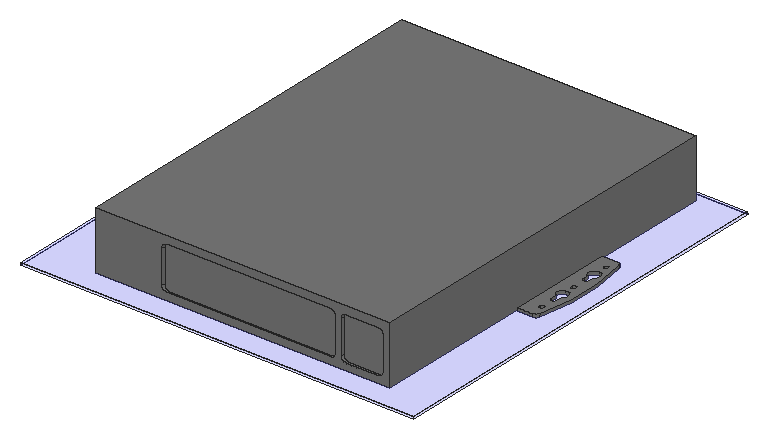
Revit family "QSC Core 8 Flex_Surface Mount", category Generic Models, host Face, Revit 2017
Family settings
  Host = Face
  Can host rebar = No
  Round Connector Dimension = Use Diameter
  Part Type = Normal
  Cut with Voids When Loaded = No
  Shared = No
  Room Calculation Point = No
Parameters (values of type "Core 8 Flex")
  Width = 8.660"  # constant formula
  Weight Product (lb) = 4  # constant formula
  Weight Product (kg) = 1.81  # constant formula
  URL = ""
  Show Surface Mount [instance] = yes
  Show Plenum Kit [instance] = no
  Regulatory Compliance = "FCC Part 68 / TIA-968-B; ES203 021, CE, RoHS; PTC200; NOM-151-SCTI; JATE; UL & C-UL Listed; AC; PSTN01; Industry Canada CS-03; AS/ACIF S002 & RCM; ANATEL Resolution 473"  # constant formula
  Product Page URL = "https://www.qsc.com/systems/products/q-sys-ecosystem/products-peripherals-accessories/q-sys-cores/core-8-flex/?L="
  Product Documentation Link = "https://www.qsc.com/resource-files/productresources/dn/dsp_cores/core_8-flex/q_dn_core_8flex_specs.pdf"
  Power Active = 40
  Model = "Core 8 Flex"  # constant formula
  Manufacturer URL = "http://www.qsc.com"
  Manufacturer = "QSC"  # constant formula
  Height = 1.720"  # constant formula
  Heat Load Active = 110
  Face Depth = 0.0788"
  Description = "Q-SYS Network + Analog I/O Processor"  # constant formula
  Depth = 11.280"  # constant formula
  Default Elevation = 0.000"
  Enclosure Material [instance] = Dark Gray Finish
Reference planes (in)
  plane 1 "Center (Front/Back)": y = 0
  plane 2: z = 0
  plane 3 "Center (Left/Right)": x = 0
  plane 4 "Left": x = -4.33
  plane 5 "Right": x = 4.33
  plane 6 "Top": y = 5.64
  plane 7 "Bottom": y = -5.64
  plane 8 "New Top": z = 1.72
  plane 9 "Face Plance": y = -5.561
Forms (in)
  Extrusion 1, solid, material "Glass"
    sketch origin (0, 0, 0) x (1, 0, 0) y (0, 1, 0)
      loop
        line (-6, 6) -> (-6, -6.33038) -> (5.58047, -6.33038) -> (5.58047, 6) -> (-6, 6)
    from 0 to -0.079
  Extrusion 2, solid, material "Dark Gray Finish" <- "Enclosure Material", visible <- "Show Surface Mount"
    sketch origin (0, 0, 0) x (1, 0, 0) y (0, 1, 0)
      loop
        arc (-4.80811, 2.14181) -> (-4.88785, 2.11447) -> (-4.93402, 2.04394) r 0.12992
        arc (-4.93402, 2.04394) -> (-5.11556, 0.59457) -> (-4.93402, -0.8548) r 5.8765
        arc (-4.93402, -0.8548) -> (-4.88785, -0.92533) -> (-4.80811, -0.95267) r 0.12992
        line (-4.80811, -0.95267) -> (-3.88346, -0.95267)
        arc (-3.88346, -0.95267) -> (-3.80372, -0.92532) -> (-3.75755, -0.85479) r 0.12992
        arc (-3.75755, -0.85479) -> (-3.57606, 0.59457) -> (-3.75755, 2.04393) r 5.87795
        arc (-3.75755, 2.04393) -> (-3.80372, 2.11446) -> (-3.88346, 2.14181) r 0.12992
        line (-3.88346, 2.14181) -> (-4.80811, 2.14181)
      loop
        arc (-4.68437, 1.20811) -> (-4.76902, 1.51977) -> (-4.85366, 1.20811) r 0.16732
        line (-4.85366, 1.20811) -> (-4.85366, 1.04733)
        arc (-4.85366, 1.04733) -> (-4.76902, 0.96268) -> (-4.68437, 1.04733) r 0.08465
        line (-4.68437, 1.04733) -> (-4.68437, 1.20811)
      loop
        arc (-3.83791, 1.20811) -> (-3.92256, 1.51977) -> (-4.0072, 1.20811) r 0.16732
        line (-4.0072, 1.20811) -> (-4.0072, 1.04733)
        arc (-4.0072, 1.04733) -> (-3.92256, 0.96268) -> (-3.83791, 1.04733) r 0.08465
        line (-3.83791, 1.04733) -> (-3.83791, 1.20811)
      loop
        arc (-3.83398, 0.03333) -> (-3.92256, 0.3426) -> (-4.01114, 0.03333) r 0.16732
        line (-4.01114, 0.03333) -> (-4.01114, -0.12984)
        arc (-4.01114, -0.12984) -> (-3.92256, -0.21842) -> (-3.83398, -0.12984) r 0.08858
        line (-3.83398, -0.12984) -> (-3.83398, 0.03333)
      loop
        arc (-4.68043, 0.03333) -> (-4.76902, 0.3426) -> (-4.8576, 0.03333) r 0.16732
        line (-4.8576, 0.03333) -> (-4.8576, -0.12984)
        arc (-4.8576, -0.12984) -> (-4.76902, -0.21842) -> (-4.68043, -0.12984) r 0.08858
        line (-4.68043, -0.12984) -> (-4.68043, 0.03333)
      loop
        circle (-4.77295, 0.59457) r 0.06496
      loop
        circle (-4.77295, -0.58653) r 0.06496
      loop
        circle (-4.77295, 1.77567) r 0.06496
      loop
        circle (-3.91862, 1.77567) r 0.06496
      loop
        circle (-3.91862, 0.59457) r 0.06496
      loop
        circle (-3.91862, -0.58653) r 0.06496
      loop
        line (4.80811, 2.14181) -> (3.88346, 2.14181)
        arc (3.88346, 2.14181) -> (3.80372, 2.11446) -> (3.75755, 2.04393) r 0.12992
        arc (3.75755, 2.04393) -> (3.57606, 0.59457) -> (3.75755, -0.85479) r 5.87795
        arc (3.75755, -0.85479) -> (3.80372, -0.92532) -> (3.88346, -0.95267) r 0.12992
        line (3.88346, -0.95267) -> (4.80811, -0.95267)
        arc (4.80811, -0.95267) -> (4.88785, -0.92533) -> (4.93402, -0.8548) r 0.12992
        arc (4.93402, -0.8548) -> (5.11556, 0.59457) -> (4.93402, 2.04394) r 5.8765
        arc (4.93402, 2.04394) -> (4.88785, 2.11447) -> (4.80811, 2.14181) r 0.12992
      loop
        line (4.68437, 1.20811) -> (4.68437, 1.04733)
        arc (4.68437, 1.04733) -> (4.76902, 0.96268) -> (4.85366, 1.04733) r 0.08465
        line (4.85366, 1.04733) -> (4.85366, 1.20811)
        arc (4.85366, 1.20811) -> (4.76902, 1.51977) -> (4.68437, 1.20811) r 0.16732
      loop
        line (3.83791, 1.20811) -> (3.83791, 1.04733)
        arc (3.83791, 1.04733) -> (3.92256, 0.96268) -> (4.0072, 1.04733) r 0.08465
        line (4.0072, 1.04733) -> (4.0072, 1.20811)
        arc (4.0072, 1.20811) -> (3.92256, 1.51977) -> (3.83791, 1.20811) r 0.16732
      loop
        line (3.83398, 0.03333) -> (3.83398, -0.12984)
        arc (3.83398, -0.12984) -> (3.92256, -0.21842) -> (4.01114, -0.12984) r 0.08858
        line (4.01114, -0.12984) -> (4.01114, 0.03333)
        arc (4.01114, 0.03333) -> (3.92256, 0.3426) -> (3.83398, 0.03333) r 0.16732
      loop
        line (4.68043, 0.03333) -> (4.68043, -0.12984)
        arc (4.68043, -0.12984) -> (4.76902, -0.21842) -> (4.8576, -0.12984) r 0.08858
        line (4.8576, -0.12984) -> (4.8576, 0.03333)
        arc (4.8576, 0.03333) -> (4.76902, 0.3426) -> (4.68043, 0.03333) r 0.16732
      loop
        circle (4.77295, 0.59457) r 0.06496
      loop
        circle (4.77295, -0.58653) r 0.06496
      loop
        circle (4.77295, 1.77567) r 0.06496
      loop
        circle (3.91862, 1.77567) r 0.06496
      loop
        circle (3.91862, 0.59457) r 0.06496
      loop
        circle (3.91862, -0.58653) r 0.06496
    from 0 to 0.079
Dimensions and locks (in)
  equal spacing: plane 6 "Top", plane 1 "Center (Front/Back)", plane 7 "Bottom"
  "Depth": plane 6 "Top" to plane 7 "Bottom"
  equal spacing: plane 4 "Left", plane 3 "Center (Left/Right)", plane 5 "Right"
  "Width": plane 4 "Left" to plane 5 "Right"
  plane 4 "Left" to plane 5 "Right" = 8.660"
  "Height": plane 8 "New Top" to plane 2
  plane 9 "Face Plance" to plane 7 "Bottom" = 0.079"
  aligned and locked: plane 2 to Extrusion 1
  aligned and locked: level to Extrusion 1
Automatic sketch dimensions
  Extrusion 1 sketch curve to Extrusion 1 sketch curve = 11.58047"
  Extrusion 1 sketch curve to Extrusion 1 sketch curve = 12.33038"
  Extrusion 2 sketch curve to plane 1 "Center (Front/Back)" = 0.59457"  (x4)
  Extrusion 2 sketch curve to plane 4 "Left" = 5.12402"
  Extrusion 2 sketch curve to plane 1 "Center (Front/Back)" = 0.03333"  (x4)
  Extrusion 2 sketch curve to plane 4 "Left" = 0.5276"
  Extrusion 2 sketch curve to plane 4 "Left" = 0.52366"
  Extrusion 2 sketch curve to plane 4 "Left" = 0.47811"  (x2)
  Extrusion 2 sketch curve to Extrusion 2 sketch curve = 0.03516"  (x8)
  Extrusion 2 sketch curve to plane 4 "Left" = 0.44295"
  Extrusion 2 sketch curve to Extrusion 2 sketch curve = 0.08858"  (x8)
  Extrusion 2 sketch curve to Extrusion 2 sketch curve = 0.08465"  (x8)
  plane 1 "Center (Front/Back)" to Extrusion 2 sketch curve = 0.12984"  (x4)
  plane 4 "Left" to Extrusion 2 sketch curve = 0.31886"
  plane 4 "Left" to Extrusion 2 sketch curve = 0.3228"
  plane 4 "Left" to Extrusion 2 sketch curve = 0.41138"  (x3)
  Extrusion 2 sketch curve to plane 3 "Center (Left/Right)" = 0.76094"
  plane 3 "Center (Left/Right)" to Extrusion 2 sketch curve = 0.76094"
  Extrusion 2 sketch curve to plane 5 "Right" = 0.49602"
  Extrusion 2 sketch curve to plane 5 "Right" = 0.49209"
  Extrusion 2 sketch curve to plane 5 "Right" = 0.44654"  (x2)
  Extrusion 2 sketch curve to plane 5 "Right" = 0.41138"
  plane 5 "Right" to Extrusion 2 sketch curve = 0.35043"
  plane 5 "Right" to Extrusion 2 sketch curve = 0.35437"
  plane 5 "Right" to Extrusion 2 sketch curve = 0.44295"
  Extrusion 2 sketch curve to Extrusion 2 sketch curve = 0.00394"  (x2)
  Extrusion 2 sketch curve to Extrusion 2 sketch curve = 4.60035"
  plane 1 "Center (Front/Back)" to Extrusion 2 sketch curve = 0.58653"
  Extrusion 2 sketch curve to Extrusion 2 sketch curve = 0.45669"  (x3)
  Extrusion 2 sketch curve to Extrusion 2 sketch curve = 0.23622"  (x8)
  Extrusion 2 sketch curve to Extrusion 2 sketch curve = 0.12992"  (x4)
  Extrusion 2 sketch curve to Extrusion 2 sketch curve = 0.14195"  (x4)
  Extrusion 2 sketch curve to Extrusion 2 sketch curve = 0.41929"  (x4)
  Extrusion 2 sketch curve to Extrusion 2 sketch curve = 0.45276"  (x4)
  Extrusion 2 sketch curve to Extrusion 2 sketch curve = 0.16079"  (x4)
  Extrusion 2 sketch curve to Extrusion 2 sketch curve = 0.14433"  (x4)
  Extrusion 2 sketch curve to Extrusion 2 sketch curve = 0.42323"  (x4)
  Extrusion 2 sketch curve to Extrusion 2 sketch curve = 0.000"  (x4)
  radius of Extrusion 2 sketch curve = 0.06496"  (x12)
Nested families (in)
  nested 1: "QSC Core 8 Flex_ Front Facing Rackmount" at (0, -5.561, 0.865) x (1, 0, 0) z (0, -1, 0), type "Core 8 Flex"
    with Show Right Ear Short no, Show Right Ear Long no, Show Left Ear Short no, Show Left Ear Long no, Enclosure Material Dark Gray Finish
Connectors (in)
  electrical at (-3.20953, 5.46335, 0.86465)
    settings: on nested 1, index 9, voltage 0 V, apparent load 0 VA, apparent load phase1 0 VA, apparent load phase2 0 VA, apparent load phase3 0 VA, power factor 1, load classification "Other", number of poles 1, system type 31, power factor state 1, is connector primary yes, connector utility no, sub classification motor no, connector description "100-240 VAC"
  electrical at (3.35566, 5.44335, 0.40634)
    settings: on nested 1, index 10, voltage 0 V, apparent load 0 VA, apparent load phase1 0 VA, apparent load phase2 0 VA, apparent load phase3 0 VA, power factor 1, load classification "Other", number of poles 1, system type 14, power factor state 1, is connector primary no, connector utility no, sub classification motor no, connector description "Flex Ch 5-8"
  electrical at (3.35566, 5.44335, 1.34971)
    settings: on nested 1, index 11, voltage 0 V, apparent load 0 VA, apparent load phase1 0 VA, apparent load phase2 0 VA, apparent load phase3 0 VA, power factor 1, load classification "Other", number of poles 1, system type 14, power factor state 1, is connector primary no, connector utility no, sub classification motor no, connector description "Flex Ch 1-4"
  electrical at (1.52415, 5.44335, 1.34971)
    settings: on nested 1, index 12, voltage 0 V, apparent load 0 VA, apparent load phase1 0 VA, apparent load phase2 0 VA, apparent load phase3 0 VA, power factor 1, load classification "Other", number of poles 1, system type 14, power factor state 1, is connector primary no, connector utility no, sub classification motor no, connector description "GPIO Inputs"
  electrical at (1.52415, 5.44335, 0.40634)
    settings: on nested 1, index 13, voltage 0 V, apparent load 0 VA, apparent load phase1 0 VA, apparent load phase2 0 VA, apparent load phase3 0 VA, power factor 1, load classification "Other", number of poles 1, system type 14, power factor state 1, is connector primary no, connector utility no, sub classification motor no, connector description "GPIO Outputs"
  electrical at (0.2239, 5.44335, 0.75634)
    settings: on nested 1, index 14, voltage 0 V, apparent load 0 VA, apparent load phase1 0 VA, apparent load phase2 0 VA, apparent load phase3 0 VA, power factor 1, load classification "Other", number of poles 1, system type 14, power factor state 1, is connector primary no, connector utility no, sub classification motor no, connector description "RS232 A"
  electrical at (0.2239, 5.44335, 0.40634)
    settings: on nested 1, index 15, voltage 0 V, apparent load 0 VA, apparent load phase1 0 VA, apparent load phase2 0 VA, apparent load phase3 0 VA, power factor 1, load classification "Other", number of poles 1, system type 14, power factor state 1, is connector primary no, connector utility no, sub classification motor no, connector description "RS232 B"
  electrical at (-0.32922, 5.44335, 0.35947)
    settings: on nested 1, index 16, voltage 0 V, apparent load 0 VA, apparent load phase1 0 VA, apparent load phase2 0 VA, apparent load phase3 0 VA, power factor 1, load classification "Other", number of poles 1, system type 14, power factor state 1, is connector primary no, connector utility no, sub classification motor no, connector description "USB C"
  electrical at (-0.83547, 5.44335, 0.45322)
    settings: on nested 1, index 17, voltage 0 V, apparent load 0 VA, apparent load phase1 0 VA, apparent load phase2 0 VA, apparent load phase3 0 VA, power factor 1, load classification "Other", number of poles 1, system type 14, power factor state 1, is connector primary no, connector utility no, sub classification motor no, connector description "USB B"
  electrical at (-1.3886, 5.44335, 0.35947)
    settings: on nested 1, index 18, voltage 0 V, apparent load 0 VA, apparent load phase1 0 VA, apparent load phase2 0 VA, apparent load phase3 0 VA, power factor 1, load classification "Other", number of poles 1, system type 14, power factor state 1, is connector primary no, connector utility no, sub classification motor no, connector description "USB A"
  electrical at (-1.3886, 5.44335, 0.76884)
    settings: on nested 1, index 19, voltage 0 V, apparent load 0 VA, apparent load phase1 0 VA, apparent load phase2 0 VA, apparent load phase3 0 VA, power factor 1, load classification "Other", number of poles 1, system type 14, power factor state 1, is connector primary no, connector utility no, sub classification motor no, connector description "USB A"
  electrical at (-1.3886, 5.44335, 1.30322)
    settings: on nested 1, index 20, voltage 0 V, apparent load 0 VA, apparent load phase1 0 VA, apparent load phase2 0 VA, apparent load phase3 0 VA, power factor 1, load classification "Other", number of poles 1, system type 14, power factor state 1, is connector primary no, connector utility no, sub classification motor no, connector description "LAN A"
  electrical at (-1.9886, 5.44335, 1.30322)
    settings: on nested 1, index 21, voltage 0 V, apparent load 0 VA, apparent load phase1 0 VA, apparent load phase2 0 VA, apparent load phase3 0 VA, power factor 1, load classification "Other", number of poles 1, system type 14, power factor state 1, is connector primary no, connector utility no, sub classification motor no, connector description "LAN B"
  electrical at (-1.9886, 5.44335, 0.76884)
    settings: on nested 1, index 22, voltage 0 V, apparent load 0 VA, apparent load phase1 0 VA, apparent load phase2 0 VA, apparent load phase3 0 VA, power factor 1, load classification "Other", number of poles 1, system type 14, power factor state 1, is connector primary no, connector utility no, sub classification motor no, connector description "USB A"
  electrical at (-1.9886, 5.44335, 0.35947)
    settings: on nested 1, index 23, voltage 0 V, apparent load 0 VA, apparent load phase1 0 VA, apparent load phase2 0 VA, apparent load phase3 0 VA, power factor 1, load classification "Other", number of poles 1, system type 14, power factor state 1, is connector primary no, connector utility no, sub classification motor no, connector description "USB A"
Definition of nested family "QSC Core 8 Flex_ Front Facing Rackmount"
  Parameters (values of type "Core 8 Flex")
    Width = 8.660"  # constant formula
    Weight Product (lb) = 4  # constant formula
    Weight Product (kg) = 1.81  # constant formula
    URL = ""
    Show Right Ear Short [instance] = no
    Show Right Ear Long [instance] = yes
    Show Left Ear Short [instance] = yes
    Show Left Ear Long [instance] = no
    Regulatory Compliance = "FCC Part 68 / TIA-968-B; ES203 021, CE, RoHS; PTC200; NOM-151-SCTI; JATE; UL & C-UL Listed; AC; PSTN01; Industry Canada CS-03; AS/ACIF S002 & RCM; ANATEL Resolution 473"  # constant formula
    Product Page URL = "https://www.qsc.com/systems/products/q-sys-ecosystem/products-peripherals-accessories/q-sys-cores/core-8-flex/?L="
    Product Documentation Link = "https://www.qsc.com/resource-files/productresources/dn/dsp_cores/core_8-flex/q_dn_core_8flex_specs.pdf"
    Power Active = 40
    Model = "Core 8 Flex"  # constant formula
    Manufacturer URL = "http://www.qsc.com"
    Manufacturer = "QSC"  # constant formula
    Height = 1.720"  # constant formula
    Heat Load Active = 110
    Face Depth = 0.0788"
    Description = "Q-SYS Network + Analog I/O Processor"  # constant formula
    Depth = 11.280"  # constant formula
    Default Elevation = 0.000"
    Enclosure Material [instance] = none
  Reference planes (in)
    plane 1 "Center (Front/Back)": y = 0
    plane 2: z = 0
    plane 3 "Center (Left/Right)": x = 0
    plane 4 "Left": x = -4.33
    plane 5 "Right": x = 4.33
    plane 6 "Top": y = 0.86
    plane 7 "Bottom": y = -0.86
    plane 8 "Back": z = -11.2012
    plane 9 "Right Extend Ear": x = 13.812
    plane 10 "Left Extend Ear": x = -13.812
    plane 11 "Left Short Ear": x = -5.1514
    plane 12 "Right Short Ear": x = 5.1514
    plane 13 "Front": z = 0.0788
  Forms (in)
    Extrusion 1, solid
      sketch origin (0, 0, 0) x (1, 0, 0) y (0, 1, 0)
        loop
          line (-14.5, 1.9685) -> (-14.5, -1.88975) -> (14.73031, -1.88975) -> (14.73031, 1.9685) -> (-14.5, 1.9685)
      from 0 to -0.079
    Extrusion 2, solid, material <- "Enclosure Material"
      sketch origin (0, -0.86, 0) x (-1, 0, 0) y (0, 0, 1)
        loop
          line (4.33, 0.0788) -> (-4.33, 0.0788) -> (-4.33, -11.2012) -> (4.33, -11.2012) -> (4.33, 0.0788)
      from 0 to 1.72 <- "Height"
    Extrusion 3, void
      sketch origin (0, 0, -11.2012) x (-1, 0, 0) y (0, -1, 0)
        loop
          line (-4.12953, -0.64125) -> (-2.58179, -0.64125) -> (-2.58179, -0.32817) -> (-4.12953, -0.32817) -> (-4.12953, -0.64125)
        loop
          line (2.83394, -0.39444) -> (3.58289, -0.39444)
          arc (3.58289, -0.39444) -> (3.66576, -0.36012) -> (3.70008, -0.27725) r 0.11719
          line (3.70008, -0.27725) -> (3.70008, 0.04564)
          arc (3.70008, 0.04564) -> (3.69413, 0.07554) -> (3.6772, 0.10088) r 0.07813
          line (3.6772, 0.10088) -> (3.52611, 0.25197)
          arc (3.52611, 0.25197) -> (3.50077, 0.26891) -> (3.47087, 0.27485) r 0.07813
          line (3.47087, 0.27485) -> (2.94504, 0.27485)
          arc (2.94504, 0.27485) -> (2.91514, 0.26891) -> (2.88979, 0.25197) r 0.07813
          line (2.88979, 0.25197) -> (2.73871, 0.10088)
          arc (2.73871, 0.10088) -> (2.72177, 0.07554) -> (2.71583, 0.04564) r 0.07813
          line (2.71583, 0.04564) -> (2.71583, -0.27633)
          arc (2.71583, -0.27633) -> (2.75042, -0.35985) -> (2.83394, -0.39444) r 0.11811
        loop
          line (-4.12953, 0.30212) -> (-2.58179, 0.30212) -> (-2.58179, 0.6152) -> (-4.12953, 0.6152) -> (-4.12953, 0.30212)
        loop
          line (-2.29802, -0.64125) -> (-0.75029, -0.64125) -> (-0.75029, -0.32817) -> (-2.29802, -0.32817) -> (-2.29802, -0.64125)
        loop
          line (-2.29802, 0.30212) -> (-0.75029, 0.30212) -> (-0.75029, 0.6152) -> (-2.29802, 0.6152) -> (-2.29802, 0.30212)
        loop
          line (-0.46652, 0.30212) -> (0.01872, 0.30212) -> (0.01872, 0.6152) -> (-0.46652, 0.6152) -> (-0.46652, 0.30212)
        loop
          line (-0.46652, -0.04788) -> (0.01872, -0.04788) -> (0.01872, 0.2652) -> (-0.46652, 0.2652) -> (-0.46652, -0.04788)
        loop
          line (0.13348, 0.39587) -> (0.52497, 0.39587) -> (0.52497, 0.6152) -> (0.13348, 0.6152) -> (0.13348, 0.39587)
        loop
          line (0.63973, 0.20837) -> (1.03122, 0.20837) -> (1.03122, 0.6152) -> (0.63973, 0.6152) -> (0.63973, 0.20837)
        loop
          line (1.14598, 0.39587) -> (1.63122, 0.39587) -> (1.63122, 0.6152) -> (1.14598, 0.6152) -> (1.14598, 0.39587)
        loop
          line (1.74598, 0.39587) -> (2.23122, 0.39587) -> (2.23122, 0.6152) -> (1.74598, 0.6152) -> (1.74598, 0.39587)
        loop
          line (1.14598, -0.01351) -> (1.63122, -0.01351) -> (1.63122, 0.20582) -> (1.14598, 0.20582) -> (1.14598, -0.01351)
        loop
          line (1.74598, -0.01351) -> (2.23122, -0.01351) -> (2.23122, 0.20582) -> (1.74598, 0.20582) -> (1.74598, -0.01351)
        loop
          line (1.14598, -0.62601) -> (1.63122, -0.62601) -> (1.63122, -0.25043) -> (1.14598, -0.25043) -> (1.14598, -0.62601)
        loop
          line (1.74598, -0.62601) -> (2.23122, -0.62601) -> (2.23122, -0.25043) -> (1.74598, -0.25043) -> (1.74598, -0.62601)
      from 0 to 0.19685
    Extrusion 4, void
      sketch origin (-16.742, -179.90625, 0.0788) x (0, -1, 0) y (-1, 0, 0)
        loop
          line (-180.54692, -14.52475) -> (-180.54692, -19.33043)
          arc (-180.54692, -19.33043) -> (-180.50115, -19.44092) -> (-180.39067, -19.48668) r 0.15625
          line (-180.39067, -19.48668) -> (-179.40912, -19.48668)
          arc (-179.40912, -19.48668) -> (-179.29864, -19.44092) -> (-179.25287, -19.33043) r 0.15625
          line (-179.25287, -19.33043) -> (-179.25287, -14.52475)
          arc (-179.25287, -14.52475) -> (-179.29864, -14.41427) -> (-179.40912, -14.3685) r 0.15625
          line (-179.40912, -14.3685) -> (-180.39067, -14.3685)
          arc (-180.39067, -14.3685) -> (-180.50115, -14.41427) -> (-180.54692, -14.52475) r 0.15625
      from 0 to 0.079
    Extrusion 5, solid, material <- "Enclosure Material", visible <- "Show Left Ear Short"
      sketch origin (0, 0, 0) x (1, 0, 0) y (0, 1, 0)
        loop
          arc (-5.02634, 0.86) -> (-5.11473, 0.82339) -> (-5.1514, 0.735) r 0.125
          line (-5.1514, 0.735) -> (-5.15134, -0.735)
          arc (-5.15134, -0.735) -> (-5.11473, -0.82339) -> (-5.02634, -0.86) r 0.125
          line (-5.02634, -0.86) -> (-4.33, -0.86) -> (-4.33, 0.86) -> (-5.02634, 0.86)
        loop
          line (-4.7537, 0.76059) -> (-4.8915, 0.76059)
          arc (-4.8915, 0.76059) -> (-5.0251, 0.63502) -> (-4.90803, 0.4939) r 0.13386
          arc (-4.90803, 0.4939) -> (-4.8226, 0.40843) -> (-4.73717, 0.4939) r 0.08543
          arc (-4.73717, 0.4939) -> (-4.6201, 0.63502) -> (-4.7537, 0.76059) r 0.13386
        loop
          arc (-4.7537, -0.74713) -> (-4.6201, -0.62155) -> (-4.73717, -0.48043) r 0.13386
          arc (-4.73717, -0.48043) -> (-4.8226, -0.39496) -> (-4.90803, -0.48043) r 0.08543
          arc (-4.90803, -0.48043) -> (-5.0251, -0.62155) -> (-4.8915, -0.74713) r 0.13386
          line (-4.8915, -0.74713) -> (-4.7537, -0.74713)
      from 0 to 0.0788 <- "Face Depth"
    Extrusion 6, solid, material <- "Enclosure Material", visible <- "Show Right Ear Short"
      sketch origin (0, 0, 0) x (-1, 0, 0) y (0, -1, 0)
        loop
          line (-5.02634, -0.86) -> (-4.33, -0.86) -> (-4.33, 0.86) -> (-5.02634, 0.86)
          arc (-5.02634, 0.86) -> (-5.11473, 0.82339) -> (-5.15134, 0.735) r 0.125
          line (-5.15134, 0.735) -> (-5.1514, -0.735)
          arc (-5.1514, -0.735) -> (-5.11473, -0.82339) -> (-5.02634, -0.86) r 0.125
        loop
          arc (-4.7537, -0.76059) -> (-4.6201, -0.63502) -> (-4.73717, -0.4939) r 0.13386
          arc (-4.73717, -0.4939) -> (-4.8226, -0.40843) -> (-4.90803, -0.4939) r 0.08543
          arc (-4.90803, -0.4939) -> (-5.0251, -0.63502) -> (-4.8915, -0.76059) r 0.13386
          line (-4.8915, -0.76059) -> (-4.7537, -0.76059)
        loop
          line (-4.7537, 0.74713) -> (-4.8915, 0.74713)
          arc (-4.8915, 0.74713) -> (-5.0251, 0.62155) -> (-4.90803, 0.48043) r 0.13386
          arc (-4.90803, 0.48043) -> (-4.8226, 0.39496) -> (-4.73717, 0.48043) r 0.08543
          arc (-4.73717, 0.48043) -> (-4.6201, 0.62155) -> (-4.7537, 0.74713) r 0.13386
      from 0 to 0.0788 <- "Face Depth"
    Extrusion 7, solid, material <- "Enclosure Material", visible <- "Show Right Ear Long"
      sketch origin (0, 0, 0) x (-1, 0, 0) y (0, -1, 0)
        loop
          arc (-13.55432, -0.49287) -> (-13.68818, -0.62673) -> (-13.55432, -0.76059) r 0.13386
          line (-13.55432, -0.76059) -> (-13.41653, -0.76059)
          arc (-13.41653, -0.76059) -> (-13.28267, -0.62673) -> (-13.41653, -0.49287) r 0.13386
          line (-13.41653, -0.49287) -> (-13.55432, -0.49287)
        loop
          arc (-13.55432, 0.74713) -> (-13.68818, 0.61327) -> (-13.55432, 0.47941) r 0.13386
          line (-13.55432, 0.47941) -> (-13.41653, 0.47941)
          arc (-13.41653, 0.47941) -> (-13.28267, 0.61327) -> (-13.41653, 0.74713) r 0.13386
          line (-13.41653, 0.74713) -> (-13.55432, 0.74713)
        loop
          line (-13.812, 0.735) -> (-13.812, -0.735)
          arc (-13.812, -0.735) -> (-13.77539, -0.82339) -> (-13.687, -0.86) r 0.125
          line (-13.687, -0.86) -> (-4.33, -0.86) -> (-4.33, 0.86) -> (-13.687, 0.86)
          arc (-13.687, 0.86) -> (-13.77539, 0.82339) -> (-13.812, 0.735) r 0.125
      from 0 to 0.0788 <- "Face Depth"
    Extrusion 8, solid, material <- "Enclosure Material", visible <- "Show Left Ear Long"
      sketch origin (0, 0, 0) x (1, 0, 0) y (0, 1, 0)
        loop
          line (-13.55432, 0.49287) -> (-13.41653, 0.49287)
          arc (-13.41653, 0.49287) -> (-13.28267, 0.62673) -> (-13.41653, 0.76059) r 0.13386
          line (-13.41653, 0.76059) -> (-13.55432, 0.76059)
          arc (-13.55432, 0.76059) -> (-13.68818, 0.62673) -> (-13.55432, 0.49287) r 0.13386
        loop
          line (-13.55432, -0.74713) -> (-13.41653, -0.74713)
          arc (-13.41653, -0.74713) -> (-13.28267, -0.61327) -> (-13.41653, -0.47941) r 0.13386
          line (-13.41653, -0.47941) -> (-13.55432, -0.47941)
          arc (-13.55432, -0.47941) -> (-13.68818, -0.61327) -> (-13.55432, -0.74713) r 0.13386
        loop
          arc (-13.812, -0.735) -> (-13.77539, -0.82339) -> (-13.687, -0.86) r 0.125
          line (-13.687, -0.86) -> (-4.33, -0.86) -> (-4.33, 0.86) -> (-13.687, 0.86)
          arc (-13.687, 0.86) -> (-13.77539, 0.82339) -> (-13.812, 0.735) r 0.125
          line (-13.812, 0.735) -> (-13.812, -0.735)
      from 0 to 0.0788 <- "Face Depth"
    Extrusion 9, void
      sketch origin (-11.46075, -179.90625, 0.0788) x (0, -1, 0) y (-1, 0, 0)
        loop
          line (-180.54692, -14.52175) -> (-180.54692, -15.45349)
          arc (-180.54692, -15.45349) -> (-180.50115, -15.56398) -> (-180.39067, -15.60974) r 0.15625
          line (-180.39067, -15.60974) -> (-179.40912, -15.60974)
          arc (-179.40912, -15.60974) -> (-179.29864, -15.56398) -> (-179.25287, -15.45349) r 0.15625
          line (-179.25287, -15.45349) -> (-179.25287, -14.52175)
          arc (-179.25287, -14.52175) -> (-179.29864, -14.41127) -> (-179.40912, -14.3655) r 0.15625
          line (-179.40912, -14.3655) -> (-180.39067, -14.3655)
          arc (-180.39067, -14.3655) -> (-180.50115, -14.41127) -> (-180.54692, -14.52175) r 0.15625
      from 0 to 0.079
  Cuts and joins
    Extrusion 3, Extrusion 4, Extrusion 9 cuts Extrusion 2
  Lines and regions (in)
    model lines, detail levels fine
      curve 1: line (-3.29089, 0.35869, 0.0788) -> (-3.38738, 0.48582, 0.0788)
      curve 2: line (-3.38738, 0.48582, 0.0788) -> (-3.29089, 0.35869, 0.0788)
      curve 3: line (-3.7372, 0.37457, 0.0788) -> (-3.70075, 0.5057, 0.0788)
      curve 4: line (-3.70075, 0.5057, 0.0788) -> (-3.7372, 0.37457, 0.0788)
      curve 5: line (-3.67631, 0.28774, 0.0788) -> (-3.70352, 0.53041, 0.0788)
      curve 6: line (-3.70352, 0.53041, 0.0788) -> (-3.67631, 0.28774, 0.0788)
      curve 7: line (-3.16169, 0.45752, 0.0788) -> (-3.07565, 0.39431, 0.0788)
      curve 8: line (-3.07565, 0.39431, 0.0788) -> (-3.16169, 0.45752, 0.0788)
    model lines, not visible, detail levels fine
      curve 9: line (-3.35339, 0.42119, 0.0788) -> (-3.44988, 0.54832, 0.0788)
      curve 10: line (-3.44988, 0.54832, 0.0788) -> (-3.35339, 0.42119, 0.0788)
      curve 11: line (-3.7997, 0.43707, 0.0788) -> (-3.76325, 0.5682, 0.0788)
      curve 12: line (-3.76325, 0.5682, 0.0788) -> (-3.7997, 0.43707, 0.0788)
      curve 13: line (-3.73881, 0.35024, 0.0788) -> (-3.76602, 0.59291, 0.0788)
      curve 14: line (-3.76602, 0.59291, 0.0788) -> (-3.73881, 0.35024, 0.0788)
      curve 15: line (-3.22419, 0.52002, 0.0788) -> (-3.13815, 0.45681, 0.0788)
      curve 16: line (-3.13815, 0.45681, 0.0788) -> (-3.22419, 0.52002, 0.0788)
  Dimensions and locks (in)
    equal spacing: plane 6 "Top", plane 1 "Center (Front/Back)", plane 7 "Bottom"
    "Height": plane 6 "Top" to plane 7 "Bottom"
    equal spacing: plane 4 "Left", plane 3 "Center (Left/Right)", plane 5 "Right"
    "Width": plane 4 "Left" to plane 5 "Right"
    plane 4 "Left" to plane 5 "Right" = 8.660"
    plane 5 "Right" to plane 9 "Right Extend Ear" = 9.482"
    plane 10 "Left Extend Ear" to plane 4 "Left" = 9.482"
    plane 11 "Left Short Ear" to plane 4 "Left" = 0.8214"
    plane 5 "Right" to plane 12 "Right Short Ear" = 0.8214"
    "Face Depth": plane 13 "Front" to plane 2
    "Depth": plane 13 "Front" to plane 8 "Back"
    aligned and locked: plane 2 to Extrusion 1
    aligned and locked: level to Extrusion 1
    aligned and locked: plane 4 "Left" to Extrusion 2 sketch curve
    aligned and locked: plane 8 "Back" to Extrusion 2 sketch curve
    aligned and locked: Extrusion 2 sketch curve to plane 5 "Right"
    aligned and locked: Extrusion 2 sketch curve to plane 13 "Front"
    aligned and locked: Extrusion 5 sketch curve to plane 6 "Top"
    aligned and locked: plane 11 "Left Short Ear" to Extrusion 5 sketch curve
    aligned and locked: cut or joined group of Extrusion 2, Extrusion 3, Extrusion 4, Extrusion 9 to Extrusion 5 sketch curve
    aligned and locked: Extrusion 5 sketch curve to cut or joined group of Extrusion 2, Extrusion 3, Extrusion 4, Extrusion 9
    aligned and locked: cut or joined group of Extrusion 2, Extrusion 3, Extrusion 4, Extrusion 9 to Extrusion 7 sketch curve
    aligned and locked: plane 9 "Right Extend Ear" to Extrusion 7 sketch curve
    aligned and locked: Extrusion 7 sketch curve to plane 7 "Bottom"
    aligned and locked: Extrusion 7 sketch curve to plane 6 "Top"
  Automatic sketch dimensions
    curve 7 to curve 8 = 0.000"  (x4)
    curve 8 to curve 7 = 0.10677"
    curve 2 to curve 7 = 0.16267"
    curve 1 to curve 2 = 0.000"  (x5)
    curve 1 to curve 2 = 0.15959"
    curve 2 to curve 1 = 0.000"  (x3)
    curve 5 to curve 1 = 0.35031"
    curve 6 to curve 5 = 0.000"  (x4)
    curve 4 to curve 5 = 0.21933"
    curve 3 to curve 4 = 0.000"  (x4)
    curve 6 to curve 3 = 0.02487"
    curve 5 to curve 6 = 0.000"  (x4)
    curve 3 to curve 5 = 0.10605"
    curve 4 to curve 3 = 0.000"  (x2)
    curve 6 to curve 2 = 0.3919"
    curve 5 to curve 4 = 0.10605"
    curve 1 to curve 7 = 0.21817"
    curve 8 to curve 7 = 0.000"  (x4)
    curve 7 to curve 8 = 0.10677"
    curve 2 to curve 1 = 0.15959"
    curve 4 to curve 4 = 0.13611"
    curve 7 to curve 7 = 0.08604"
    curve 7 to curve 2 = 0.1292"
    curve 1 to curve 1 = 0.09649"
    curve 1 to curve 6 = 0.28894"
    curve 5 to curve 4 = 0.02444"
    curve 3 to curve 5 = 0.00277"
    curve 5 to curve 4 = 0.06089"
    curve 5 to curve 4 = 0.02471"
    curve 3 to curve 2 = 0.01989"
    curve 1 to curve 7 = 0.02829"
    curve 8 to curve 7 = 0.06321"
    curve 1 to curve 2 = 0.12712"
    curve 3 to curve 5 = 0.08683"
    curve 15 to curve 16 = 0.000"
    curve 15 to curve 15 = 0.08604"
    curve 16 to curve 15 = 0.000"  (x3)
    curve 15 to curve 10 = 0.1292"
    curve 9 to curve 10 = 0.000"  (x3)
    curve 9 to curve 9 = 0.09649"
    curve 10 to curve 9 = 0.000"
    curve 9 to curve 14 = 0.28894"
    curve 13 to curve 14 = 0.000"  (x2)
    curve 13 to curve 12 = 0.02444"
    curve 11 to curve 12 = 0.000"  (x2)
    curve 11 to curve 13 = 0.00277"
    curve 14 to curve 13 = 0.000"  (x2)
    curve 13 to curve 12 = 0.06089"
    curve 13 to curve 12 = 0.02471"
    curve 11 to curve 10 = 0.01989"
    curve 9 to curve 15 = 0.02829"
    curve 16 to curve 15 = 0.06321"
    curve 12 to curve 11 = 0.000"
    curve 9 to curve 10 = 0.12712"
    curve 11 to curve 13 = 0.08683"
    Extrusion 1 sketch curve to Extrusion 1 sketch curve = 29.23031"
    Extrusion 1 sketch curve to Extrusion 1 sketch curve = 3.85825"
    Extrusion 4 sketch curve to plane 6 "Top" = 0.21933"
    Extrusion 4 sketch curve to Extrusion 4 sketch curve = 0.15625"  (x3)
    plane 7 "Bottom" to Extrusion 4 sketch curve = 0.36287"  (x2)
    plane 4 "Left" to Extrusion 4 sketch curve = 1.9565"
    Extrusion 4 sketch curve to plane 5 "Right" = 1.74157"
    plane 11 "Left Short Ear" to Extrusion 5 sketch curve = 0.12506"  (x2)
    Extrusion 5 sketch curve to Extrusion 5 sketch curve = 0.13484"  (x2)
    Extrusion 5 sketch curve to Extrusion 5 sketch curve = 0.0689"  (x2)
    Extrusion 5 sketch curve to Extrusion 5 sketch curve = 0.1378"  (x2)
    plane 7 "Bottom" to Extrusion 5 sketch curve = 0.11287"
    plane 7 "Bottom" to Extrusion 5 sketch curve = 0.125"
    Extrusion 5 sketch curve to Extrusion 5 sketch curve = 0.13386"  (x2)
    Extrusion 5 sketch curve to Extrusion 5 sketch curve = 0.13287"  (x2)
    Extrusion 5 sketch curve to plane 6 "Top" = 0.36614"
    Extrusion 5 sketch curve to Extrusion 5 sketch curve = 0.000"  (x3)
    Extrusion 5 sketch curve to Extrusion 5 sketch curve = 0.125"
    Extrusion 5 sketch curve to plane 6 "Top" = 0.09941"
    Extrusion 5 sketch curve to Extrusion 5 sketch curve = 0.08543"  (x2)
    Extrusion 6 sketch curve to plane 12 "Right Short Ear" = 0.000"
    Extrusion 6 sketch curve to plane 7 "Bottom" = 0.000"
    Extrusion 6 sketch curve to plane 6 "Top" = 0.000"
    Extrusion 6 sketch curve to plane 5 "Right" = 0.000"
    plane 12 "Right Short Ear" to Extrusion 6 sketch curve = 0.12506"  (x2)
    Extrusion 6 sketch curve to Extrusion 6 sketch curve = 0.13484"  (x2)
    Extrusion 6 sketch curve to Extrusion 6 sketch curve = 0.0689"  (x2)
    Extrusion 6 sketch curve to Extrusion 6 sketch curve = 0.1378"  (x2)
    Extrusion 6 sketch curve to plane 7 "Bottom" = 0.11287"
    Extrusion 6 sketch curve to Extrusion 6 sketch curve = 0.125"
    Extrusion 6 sketch curve to Extrusion 6 sketch curve = 0.13386"  (x2)
    Extrusion 6 sketch curve to Extrusion 6 sketch curve = 0.13287"  (x2)
    plane 6 "Top" to Extrusion 6 sketch curve = 0.36614"
    Extrusion 6 sketch curve to Extrusion 6 sketch curve = 0.000"  (x3)
    plane 6 "Top" to Extrusion 6 sketch curve = 0.125"
    plane 6 "Top" to Extrusion 6 sketch curve = 0.09941"
    Extrusion 6 sketch curve to Extrusion 6 sketch curve = 0.08543"  (x2)
    plane 9 "Right Extend Ear" to Extrusion 7 sketch curve = 0.125"
    Extrusion 7 sketch curve to Extrusion 7 sketch curve = 0.125"
    Extrusion 7 sketch curve to Extrusion 7 sketch curve = 0.13268"  (x2)
    Extrusion 7 sketch curve to Extrusion 7 sketch curve = 0.1378"  (x2)
    Extrusion 7 sketch curve to plane 7 "Bottom" = 0.11287"
    Extrusion 7 sketch curve to Extrusion 7 sketch curve = 0.13386"  (x2)
    Extrusion 7 sketch curve to Extrusion 7 sketch curve = 0.24213"
    Extrusion 8 sketch curve to plane 10 "Left Extend Ear" = 0.000"
    Extrusion 8 sketch curve to plane 6 "Top" = 0.000"
    Extrusion 8 sketch curve to plane 7 "Bottom" = 0.000"
    Extrusion 8 sketch curve to plane 4 "Left" = 0.000"
    plane 10 "Left Extend Ear" to Extrusion 8 sketch curve = 0.125"
    Extrusion 8 sketch curve to Extrusion 8 sketch curve = 0.125"
    Extrusion 8 sketch curve to Extrusion 8 sketch curve = 0.13268"  (x2)
    Extrusion 8 sketch curve to Extrusion 8 sketch curve = 0.1378"  (x2)
    plane 7 "Bottom" to Extrusion 8 sketch curve = 0.11287"
    Extrusion 8 sketch curve to Extrusion 8 sketch curve = 0.13386"  (x2)
    Extrusion 8 sketch curve to Extrusion 8 sketch curve = 0.24213"
    Extrusion 9 sketch curve to plane 6 "Top" = 0.21933"
    Extrusion 9 sketch curve to Extrusion 9 sketch curve = 0.15625"  (x3)
    plane 7 "Bottom" to Extrusion 9 sketch curve = 0.36287"  (x2)
    Extrusion 9 sketch curve to plane 5 "Right" = 1.42525"
    Extrusion 9 sketch curve to plane 12 "Right Short Ear" = 1.15866"
    Extrusion 3 sketch curve to plane 5 "Right" = 0.20047"  (x2)
    plane 7 "Bottom" to Extrusion 3 sketch curve = 0.2448"  (x3)
    Extrusion 3 sketch curve to Extrusion 3 sketch curve = 1.54774"
    Extrusion 3 sketch curve to plane 6 "Top" = 0.21875"  (x2)
    Extrusion 3 sketch curve to Extrusion 3 sketch curve = 0.000"  (x15)
    Extrusion 3 sketch curve to Extrusion 3 sketch curve = 0.28377"  (x3)
    plane 3 "Center (Left/Right)" to Extrusion 3 sketch curve = 0.75029"
    Extrusion 3 sketch curve to plane 1 "Center (Front/Back)" = 0.04788"
    Extrusion 3 sketch curve to plane 3 "Center (Left/Right)" = 0.01872"  (x2)
    Extrusion 3 sketch curve to plane 3 "Center (Left/Right)" = 0.13348"
    Extrusion 3 sketch curve to Extrusion 3 sketch curve = 0.39149"  (x2)
    Extrusion 3 sketch curve to Extrusion 3 sketch curve = 0.11476"  (x4)
    Extrusion 3 sketch curve to plane 1 "Center (Front/Back)" = 0.25043"  (x2)
    Extrusion 3 sketch curve to Extrusion 3 sketch curve = 0.48524"  (x2)
    plane 1 "Center (Front/Back)" to Extrusion 3 sketch curve = 0.04564"  (x2)
    Extrusion 3 sketch curve to Extrusion 3 sketch curve = 0.48461"
    plane 1 "Center (Front/Back)" to Extrusion 3 sketch curve = 0.10088"  (x2)
    Extrusion 3 sketch curve to Extrusion 3 sketch curve = 0.02288"
    Extrusion 3 sketch curve to Extrusion 3 sketch curve = 0.11811"
    plane 1 "Center (Front/Back)" to Extrusion 3 sketch curve = 0.25197"  (x2)
    Extrusion 3 sketch curve to Extrusion 3 sketch curve = 0.15109"  (x2)
    Extrusion 3 sketch curve to Extrusion 3 sketch curve = 0.05524"  (x3)
    plane 1 "Center (Front/Back)" to Extrusion 3 sketch curve = 0.19673"
    Extrusion 3 sketch curve to Extrusion 3 sketch curve = 0.52583"
    Extrusion 3 sketch curve to Extrusion 3 sketch curve = 0.11202"
    Extrusion 3 sketch curve to plane 1 "Center (Front/Back)" = 0.39444"
    Extrusion 3 sketch curve to Extrusion 3 sketch curve = 0.31308"
    Extrusion 3 sketch curve to plane 1 "Center (Front/Back)" = 0.62601"  (x2)
    Extrusion 3 sketch curve to Extrusion 3 sketch curve = 0.23692"  (x2)
    Extrusion 3 sketch curve to Extrusion 3 sketch curve = 0.22188"
    plane 1 "Center (Front/Back)" to Extrusion 3 sketch curve = 0.2652"
    plane 1 "Center (Front/Back)" to Extrusion 3 sketch curve = 0.30212"
    Extrusion 3 sketch curve to Extrusion 3 sketch curve = 0.03692"
    Extrusion 3 sketch curve to Extrusion 3 sketch curve = 0.21933"  (x2)
    Extrusion 3 sketch curve to Extrusion 3 sketch curve = 0.00254"
    Extrusion 3 sketch curve to Extrusion 3 sketch curve = 0.19004"  (x2)
    Extrusion 3 sketch curve to Extrusion 3 sketch curve = 0.09375"
  Connectors (in)
    electrical at (-3.20803, -0.00035, -11.00435)
      settings: on cut or joined group of Extrusion 2, Extrusion 3, Extrusion 4, Extrusion 9, index 1, voltage 120 V, apparent load 0 VA, apparent load phase1 1.2 VA, apparent load phase2 0 VA, apparent load phase3 0 VA, power factor 1, load classification none, number of poles 1, system type 31, power factor state 1, is connector primary yes, connector utility no, sub classification motor no, connector description "120VAC"
    electrical at (3.35566, 0.48471, -11.00435)
      settings: on cut or joined group of Extrusion 2, Extrusion 3, Extrusion 4, Extrusion 9, index 2, voltage 0 V, apparent load 0 VA, apparent load phase1 0 VA, apparent load phase2 0 VA, apparent load phase3 0 VA, power factor 1, load classification none, number of poles 1, system type 14, power factor state 1, is connector primary no, connector utility no, sub classification motor no, connector description "Flex Ch 1-4"
    electrical at (3.35566, -0.45866, -11.00435)
      settings: on cut or joined group of Extrusion 2, Extrusion 3, Extrusion 4, Extrusion 9, index 3, voltage 0 V, apparent load 0 VA, apparent load phase1 0 VA, apparent load phase2 0 VA, apparent load phase3 0 VA, power factor 1, load classification none, number of poles 1, system type 14, power factor state 1, is connector primary no, connector utility no, sub classification motor no, connector description "Flex Ch 5-8"
    electrical at (1.52415, 0.48471, -11.00435)
      settings: on cut or joined group of Extrusion 2, Extrusion 3, Extrusion 4, Extrusion 9, index 4, voltage 0 V, apparent load 0 VA, apparent load phase1 0 VA, apparent load phase2 0 VA, apparent load phase3 0 VA, power factor 1, load classification none, number of poles 1, system type 14, power factor state 1, is connector primary no, connector utility no, sub classification motor no, connector description "GPIO Inputs"
    electrical at (1.52415, -0.45866, -11.00435)
      settings: on cut or joined group of Extrusion 2, Extrusion 3, Extrusion 4, Extrusion 9, index 5, voltage 0 V, apparent load 0 VA, apparent load phase1 0 VA, apparent load phase2 0 VA, apparent load phase3 0 VA, power factor 1, load classification none, number of poles 1, system type 14, power factor state 1, is connector primary no, connector utility no, sub classification motor no, connector description "GPIO Outputs"
    electrical at (0.2239, -0.10866, -11.00435)
      settings: on cut or joined group of Extrusion 2, Extrusion 3, Extrusion 4, Extrusion 9, index 6, voltage 0 V, apparent load 0 VA, apparent load phase1 0 VA, apparent load phase2 0 VA, apparent load phase3 0 VA, power factor 1, load classification none, number of poles 1, system type 14, power factor state 1, is connector primary no, connector utility no, sub classification motor no, connector description "RS232 A"
    electrical at (0.2239, -0.45866, -11.00435)
      settings: on cut or joined group of Extrusion 2, Extrusion 3, Extrusion 4, Extrusion 9, index 7, voltage 0 V, apparent load 0 VA, apparent load phase1 0 VA, apparent load phase2 0 VA, apparent load phase3 0 VA, power factor 1, load classification none, number of poles 1, system type 14, power factor state 1, is connector primary no, connector utility no, sub classification motor no, connector description "RS232 B"
    electrical at (-0.32922, -0.50553, -11.00435)
      settings: on cut or joined group of Extrusion 2, Extrusion 3, Extrusion 4, Extrusion 9, index 8, voltage 0 V, apparent load 0 VA, apparent load phase1 0 VA, apparent load phase2 0 VA, apparent load phase3 0 VA, power factor 1, load classification none, number of poles 1, system type 14, power factor state 1, is connector primary no, connector utility no, sub classification motor no, connector description "USB C"
    electrical at (-0.83547, -0.41178, -11.00435)
      settings: on cut or joined group of Extrusion 2, Extrusion 3, Extrusion 4, Extrusion 9, index 9, voltage 0 V, apparent load 0 VA, apparent load phase1 0 VA, apparent load phase2 0 VA, apparent load phase3 0 VA, power factor 1, load classification none, number of poles 1, system type 14, power factor state 1, is connector primary no, connector utility no, sub classification motor no, connector description "USB B"
    electrical at (-1.3886, -0.50553, -11.00435)
      settings: on cut or joined group of Extrusion 2, Extrusion 3, Extrusion 4, Extrusion 9, index 10, voltage 0 V, apparent load 0 VA, apparent load phase1 0 VA, apparent load phase2 0 VA, apparent load phase3 0 VA, power factor 1, load classification none, number of poles 1, system type 14, power factor state 1, is connector primary no, connector utility no, sub classification motor no, connector description "USB A"
    electrical at (-1.3886, -0.09616, -11.00435)
      settings: on cut or joined group of Extrusion 2, Extrusion 3, Extrusion 4, Extrusion 9, index 11, voltage 0 V, apparent load 0 VA, apparent load phase1 0 VA, apparent load phase2 0 VA, apparent load phase3 0 VA, power factor 1, load classification none, number of poles 1, system type 14, power factor state 1, is connector primary no, connector utility no, sub classification motor no, connector description "USB A"
    electrical at (-1.9886, -0.09616, -11.00435)
      settings: on cut or joined group of Extrusion 2, Extrusion 3, Extrusion 4, Extrusion 9, index 12, voltage 0 V, apparent load 0 VA, apparent load phase1 0 VA, apparent load phase2 0 VA, apparent load phase3 0 VA, power factor 1, load classification none, number of poles 1, system type 14, power factor state 1, is connector primary no, connector utility no, sub classification motor no, connector description "USB A"
    electrical at (-1.9886, -0.50553, -11.00435)
      settings: on cut or joined group of Extrusion 2, Extrusion 3, Extrusion 4, Extrusion 9, index 13, voltage 0 V, apparent load 0 VA, apparent load phase1 0 VA, apparent load phase2 0 VA, apparent load phase3 0 VA, power factor 1, load classification none, number of poles 1, system type 14, power factor state 1, is connector primary no, connector utility no, sub classification motor no, connector description "USB A"
    electrical at (-1.9886, 0.43822, -11.00435)
      settings: on cut or joined group of Extrusion 2, Extrusion 3, Extrusion 4, Extrusion 9, index 14, voltage 0 V, apparent load 0 VA, apparent load phase1 0 VA, apparent load phase2 0 VA, apparent load phase3 0 VA, power factor 1, load classification none, number of poles 1, system type 14, power factor state 1, is connector primary no, connector utility no, sub classification motor no, connector description "LAN B"
    electrical at (-1.3886, 0.43822, -11.00435)
      settings: on cut or joined group of Extrusion 2, Extrusion 3, Extrusion 4, Extrusion 9, index 15, voltage 0 V, apparent load 0 VA, apparent load phase1 0 VA, apparent load phase2 0 VA, apparent load phase3 0 VA, power factor 1, load classification none, number of poles 1, system type 14, power factor state 1, is connector primary no, connector utility no, sub classification motor no, connector description "LAN A"
